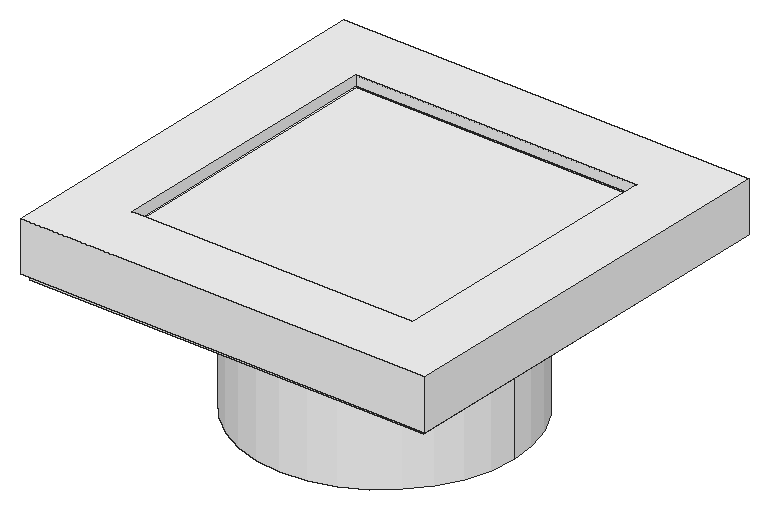
Revit family "Gira_013628", category Electrical Fixtures, host Face, Revit 2017
Family settings
  Host = Face
  Maintain Annotation Orientation = Yes
  Round Connector Dimension = Use Diameter
  Part Type = Normal
  Cut with Voids When Loaded = No
  Shared = No
  Room Calculation Point = No
Parameters (values of type "Tast-Kontroll AusWe System 55 Anthrazit")
  Zusammenstellung = "Basiselement mit zentraler Abdeckplatte"
  White [instance] = White
  Werkstoffgüte = "sonstige"
  Werkstoff = "sonstige"
  Waschmaschinenschalter = "No"
  URL = "http://katalog.gira.de/de_DE/datenblatt.html?artikelnr=013628"
  Textfeld/Beschriftungsfläche = "nein"
  Tastschalter = "Yes"
  Schaltungsart = "Wechselschalter"
  Rückmeldekontakt = "No"
  Region = "DE"
  Oberfläche = "sonstige"
  Nennspannung = "250 Volt"
  Name = "Tast-Kontroll AusWe System 55 Anthrazit"
  Montageart = "unter Putz"
  Model = "Sys55_Komplettgerät_Schalten und Tasten"
  Mit Montageplatte = "No"
  Manufacturer URL = "https://www.gira.de/"
  HeinzeBIM = "https://bimportal.heinze.de/bim/tast-kontroll-auswe-system-55-anthrazit/ebf1b9ee681a0a3aa808c86539a05473e6e8b04d"
  Halogenfrei = "No"
  HAN = "013628"
  Geeignet für Schutzart (IP) = "IP20"
  GTIN = "4010337136286"
  Farbe = "anthrazit"
  Default Elevation = 1219.2 mm
  Data sheet (1) = "https://katalog.gira.de/de_DE/download.html?artikelnr=013628"
  Category = "Installationsschalter"
  Bemessungsstrom = "10 Ampere"
  Beleuchtungsfunktion = "beleuchtet wenn eingeschaltet"
  Beleuchtungsart = "Glimmlampe"
  Beleuchtung = "ja"
  Befestigungsart = "Krallen-/Schraubbefestigung"
  Bedienungsart = "Wippe/Taste"
  Available = "Yes"
  Anzahl der Module (bei Modulbauweise) = "1 "
  Anzahl der Betätigungswippen = "1 "
  Anschlussart = "Steckklemme"
Reference planes
  plane 1 "Center (Front/Back)": y = 0
  plane 2: z = 0
  plane 3 "Center (Left/Right)": x = 0
Forms (mm)
  Extrusion 1, solid, material "White" <- "White", detail levels medium
    sketch origin (0, 0, 0) x (1, 0, 0) y (0, 1, 0)
      loop
        line (-40.4, 40.4) -> (-40.4, -40.4) -> (40.4, -40.4) -> (40.4, 40.4) -> (-40.4, 40.4)
      loop
        line (-28, 28) -> (-28, -28) -> (28, -28) -> (28, 28) -> (-28, 28)
    from 0 to 10
  Extrusion 2, solid, material "White" <- "White", detail levels fine
    sketch origin (0, 0, 0) x (1, 0, 0) y (0, 1, 0)
      loop
        line (-40.4, 40.4) -> (-40.4, -40.4) -> (40.4, -40.4) -> (40.4, 40.4) -> (-40.4, 40.4)
      loop
        line (-28, 28) -> (-28, -28) -> (28, -28) -> (28, 28) -> (-28, 28)
    from 0 to 10
  Extrusion 3, void
    sketch origin (0, 0, 0) x (1, 0, 0) y (0, 1, 0)
      loop
        line (-38.4, 38.4) -> (-38.4, -38.4) -> (38.4, -38.4) -> (38.4, 38.4) -> (-38.4, 38.4)
    from 0 to 8
  Extrusion 4, solid, material "White" <- "White", detail levels medium+fine
    sketch origin (0, 0, 0) x (1, 0, 0) y (0, 1, 0)
      loop
        line (-39.4, 39.4) -> (-39.4, -39.4) -> (39.4, -39.4) -> (39.4, 39.4) -> (-39.4, 39.4)
    from 0 to -1
  Extrusion 5, solid, material "White" <- "White", detail levels medium+fine
    sketch origin (0, 0, 0) x (1, 0, 0) y (0, 1, 0)
      loop
        line (-35.5, 35.5) -> (-35.5, -35.5) -> (35.5, -35.5) -> (35.5, 35.5) -> (-35.5, 35.5)
    from -2 to -3
  Extrusion 6, solid, material "White" <- "White", detail levels medium+fine
    sketch origin (0, 0, 0) x (1, 0, 0) y (0, 1, 0)
      loop
        circle (0, 0) r 26
    from 0 to -27.5
  Extrusion 7, solid, material "White" <- "White", detail levels coarse
    sketch origin (0, 0, 0) x (1, 0, 0) y (0, 1, 0)
      loop
        line (-40.4, 40.4) -> (-40.4, -40.4) -> (40.4, -40.4) -> (40.4, 40.4) -> (-40.4, 40.4)
    from -27.5 to 10
Cuts and joins
  Extrusion 3 cuts Extrusion 2
Dimensions and locks
  aligned and locked: plane 2 to host face
  aligned and locked: level to host face
  aligned and locked: plane 3 "Center (Left/Right)" to nested 2
  aligned and locked: plane 1 "Center (Front/Back)" to nested 2
Nested families
  nested 1: "Sys55_Abdeckung_Schalten und Tasten_floor_base" at (0, 0, 0), type "Sys55_Abdeckung_Schalten und Tasten_floor_base"
  nested 2: "Schalter" at (0, 0, 0), type "Schalter"
Connectors
  electrical at (0, 0, -27.5)
    settings: on Extrusion 6, index 1, voltage 220 V, apparent load 0 VA, apparent load phase1 0 VA, apparent load phase2 0 VA, apparent load phase3 0 VA, power factor 1, load classification "Other", number of poles 1, system type 30, power factor state 1, is connector primary yes, connector utility no, sub classification motor no, connector description ""
Definition of nested family "Sys55_Abdeckung_Schalten und Tasten_floor_base"
  Parameters
    Default Elevation = 1219.2 mm
    White [instance] = none
  Reference planes
    plane 1 "Center (Front/Back)": y = 0
    plane 2: z = 0
    plane 3 "Center (Left/Right)": x = 0
  Forms (mm)
    Extrusion 1, solid
      sketch origin (0, 0, 0) x (1, 0, 0) y (0, 1, 0)
        loop
          line (-1219.2, 1219.2) -> (-1219.2, -1219.2) -> (1219.2, -1219.2) -> (1219.2, 1219.2) -> (-1219.2, 1219.2)
      from 0 to -304.8
    Extrusion 2, solid, material <- "White", detail levels fine
      sketch origin (0, 0, 0) x (1, 0, 0) y (0, 1, 0)
        loop
          line (-27.5, 27.5) -> (-27.5, -27.5) -> (27.5, -27.5) -> (27.5, 27.5) -> (-27.5, 27.5)
      from 0 to 8
    Extrusion 3, void
      sketch origin (0, 0, 0) x (1, 0, 0) y (0, 1, 0)
        loop
          line (26, 26) -> (-26, 26) -> (-26, -26) -> (26, -26) -> (26, 26)
      from 0 to 6
    Extrusion 4, solid, material <- "White", detail levels medium
      sketch origin (0, 0, 0) x (1, 0, 0) y (0, 1, 0)
        loop
          line (-27.5, 27.5) -> (-27.5, -27.5) -> (27.5, -27.5) -> (27.5, 27.5) -> (-27.5, 27.5)
      from 0 to 8
    Extrusion 5, solid, material <- "White", detail levels medium
      sketch origin (0, 0, 0) x (1, 0, 0) y (0, 1, 0)
        loop
          line (11, -17.5) -> (11, 17.5) -> (-11, 17.5) -> (-11, -17.5) -> (11, -17.5)
      from -6 to 6
    Extrusion 6, solid, material <- "White", detail levels fine
      sketch origin (0, 0, 0) x (1, 0, 0) y (0, 1, 0)
        loop
          line (11, 17.5) -> (-11, 17.5) -> (-11, 16.5) -> (11, 16.5) -> (11, 17.5)
        loop
          line (-11, -16.5) -> (-11, -17.5) -> (11, -17.5) -> (11, -16.5) -> (-11, -16.5)
      from -4 to 6
    Extrusion 7, solid, material <- "White", detail levels fine
      sketch origin (0, 0, 0) x (1, 0, 0) y (0, 1, 0)
        loop
          arc (5, 9.347) -> (0, 10.6) -> (-5, 9.347) r 10.6
          line (-5, 9.347) -> (-5, -9.347)
          arc (-5, -9.347) -> (0, -10.6) -> (5, -9.347) r 10.6
          line (5, -9.347) -> (5, 9.347)
      from -6 to 6
    Extrusion 8, solid, material <- "White", detail levels coarse
      sketch origin (0, 0, 0) x (1, 0, 0) y (0, 1, 0)
        loop
          line (-27.5, 27.5) -> (-27.5, -27.5) -> (27.5, -27.5) -> (27.5, 27.5) -> (-27.5, 27.5)
      from -6 to 8
  Cuts and joins
    Extrusion 3 cuts Extrusion 2
  Dimensions and locks
    aligned and locked: plane 2 to Extrusion 1
    aligned and locked: level to Extrusion 1
Definition of nested family "Schalter"
  Reference planes
    plane 1: y = 0
    plane 2: x = 0
  Lines and regions (mm)
    detail lines
      curve 1: circle (1.375, 2.778, 0) r 0.8 normal (0, 0, 1)
      curve 2: line (1.021, 2.061, 0) -> (0, 0, 0)
      curve 3: line (0, 0, 0) -> (-0.538, 0.266, 0)
  Dimensions and locks
    curve 2 to curve 2 = 2.3 mm
    curve 3 to curve 2 = 0.6 mm
    radius of curve 1 = 0.8 mm
